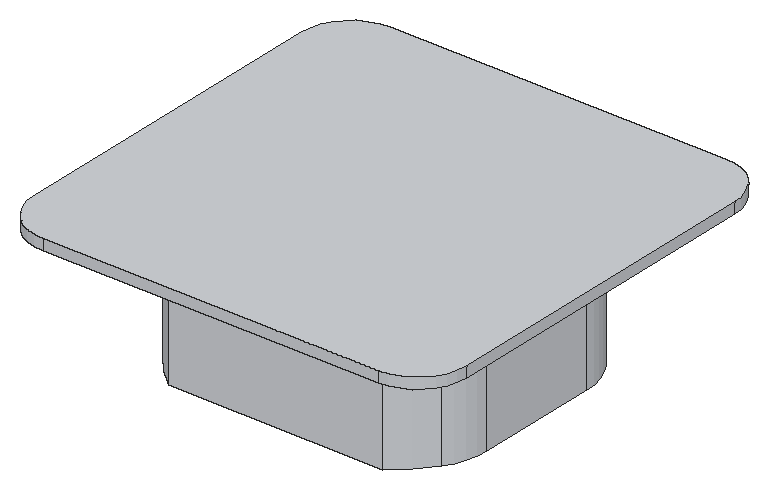
Revit family "Gira_010600", category Electrical Fixtures, host Face, Revit 2017
Family settings
  Host = Face
  Maintain Annotation Orientation = Yes
  Round Connector Dimension = Use Diameter
  Part Type = Normal
  Cut with Voids When Loaded = No
  Shared = No
  Room Calculation Point = No
Parameters (values of type "Wippschalter AusWe Einsatz")
  Zusammenstellung = "Basiselement"
  Werkstoffgüte = "sonstige"
  Werkstoff = "sonstige"
  Waschmaschinenschalter = "No"
  URL = "http://katalog.gira.de/de_DE/datenblatt.html?artikelnr=010600"
  Textfeld/Beschriftungsfläche = "nein"
  Tastschalter = "No"
  Schaltungsart = "Wechselschalter"
  Rückmeldekontakt = "No"
  Region = "DE"
  Oberfläche = "Sandguss"
  Nennspannung = "250 Volt"
  Name = "Wippschalter AusWe Einsatz"
  Montageart = "unter Putz"
  Mit Montageplatte = "No"
  Manufacturer URL = "https://www.gira.de/"
  Keynote = "Einsatz_1fach"
  HeinzeBIM = "https://bimportal.heinze.de/bim/wippschalter-auswe-einsatz/713645509e5a0f4bd43a328fabb3ae367889a5c8"
  Halogenfrei = "No"
  HAN = "010600"
  Geeignet für Schutzart (IP) = "IP20"
  GTIN = "4010337106005"
  Farbe = "sonstige"
  Default Elevation = 1219.2 mm
  Data sheet (1) = "https://katalog.gira.de/de_DE/download.html?artikelnr=010600"
  Category = "Installationsschalter"
  Bemessungsstrom = "10 Ampere"
  Beleuchtungsfunktion = "Orientierung"
  Beleuchtungsart = "nicht mitgeliefert"
  Beleuchtung = "ja"
  Befestigungsart = "Schraubbefestigung"
  Bedienungsart = "Wippe/Taste"
  Available = "Yes"
  Anzahl der Module (bei Modulbauweise) = "1 "
  Anzahl der Betätigungswippen = "1 "
  Anschlussart = "Steckklemme"
Reference planes
  plane 1 "Center (Front/Back)": y = 0
  plane 2: z = 0
  plane 3 "Center (Left/Right)": x = 0
Forms (mm)
  Extrusion 1, solid, detail levels fine
    sketch origin (0, 0, 0) x (1, 0, 0) y (0, 1, 0)
      loop
        line (27.475, 35.475) -> (-27.475, 35.475)
        arc (-27.475, 35.475) -> (-33.132, 33.132) -> (-35.475, 27.475) r 8
        line (-35.475, 27.475) -> (-35.475, -27.475)
        arc (-35.475, -27.475) -> (-33.132, -33.132) -> (-27.475, -35.475) r 8
        line (-27.475, -35.475) -> (27.475, -35.475)
        arc (27.475, -35.475) -> (33.132, -33.132) -> (35.475, -27.475) r 8
        line (35.475, -27.475) -> (35.475, 27.475)
        arc (35.475, 27.475) -> (33.132, 33.132) -> (27.475, 35.475) r 8
    from 0 to 1.8
  Extrusion 2, solid, detail levels fine
    sketch origin (0, 0, 0) x (1, 0, 0) y (0, 1, 0)
      loop
        line (9.678, 25.4) -> (-9.678, 25.4)
        arc (-9.678, 25.4) -> (-12.885, 24.922) -> (-15.814, 23.53) r 11
        arc (-15.814, 23.53) -> (-17.795, 22.07) -> (-19.641, 20.444) r 28.35
        arc (-19.641, 20.444) -> (-21.339, 18.665) -> (-22.876, 16.745) r 28.35
        arc (-22.876, 16.745) -> (-24.456, 13.666) -> (-25, 10.248) r 11
        line (-25, 10.248) -> (-25, -10.248)
        arc (-25, -10.248) -> (-24.456, -13.666) -> (-22.876, -16.745) r 11
        arc (-22.876, -16.745) -> (-20.409, -19.677) -> (-17.569, -22.25) r 28.35
        line (-17.569, -22.25) -> (17.569, -22.25)
        arc (17.569, -22.25) -> (20.409, -19.677) -> (22.876, -16.745) r 28.35
        arc (22.876, -16.745) -> (24.456, -13.666) -> (25, -10.248) r 11
        line (25, -10.248) -> (25, 10.248)
        arc (25, 10.248) -> (24.456, 13.666) -> (22.876, 16.745) r 11
        arc (22.876, 16.745) -> (21.593, 18.37) -> (20.195, 19.897) r 28.35
        arc (20.195, 19.897) -> (18.096, 21.823) -> (15.814, 23.53) r 28.35
        arc (15.814, 23.53) -> (12.885, 24.922) -> (9.678, 25.4) r 11
    from -22 to 0
  Extrusion 3, solid, detail levels medium
    sketch origin (0, 0, 0) x (1, 0, 0) y (0, 1, 0)
      loop
        line (-25, 25.4) -> (-25, -22.25) -> (25, -22.25) -> (25, 25.4) -> (-25, 25.4)
    from -22 to 0
  Extrusion 4, solid, detail levels coarse
    sketch origin (0, 0, 0) x (1, 0, 0) y (0, 1, 0)
      loop
        line (35.475, 35.475) -> (-35.475, 35.475) -> (-35.475, -35.475) -> (35.475, -35.475) -> (35.475, 35.475)
    from -22 to 1.8
  Extrusion 5, solid, detail levels medium
    sketch origin (0, 0, 0) x (1, 0, 0) y (0, 1, 0)
      loop
        line (35.475, 35.475) -> (-35.475, 35.475) -> (-35.475, -35.475) -> (35.475, -35.475) -> (35.475, 35.475)
    from 0 to 1.8
Dimensions and locks
  aligned and locked: plane 2 to host face
  aligned and locked: level to host face
  aligned and locked: plane 3 "Center (Left/Right)" to nested 1
  aligned and locked: plane 1 "Center (Front/Back)" to nested 1
Nested families
  nested 1: "RJ45-Datendose Beschriftung" at (0, 0, 0), type "RJ45-Datendose Beschriftung"
Connectors
  electrical at (0, 0, -22)
    settings: on Extrusion 4, index 1, voltage 220 V, apparent load 0 VA, apparent load phase1 0 VA, apparent load phase2 0 VA, apparent load phase3 0 VA, power factor 1, load classification "Other", number of poles 1, system type 30, power factor state 1, is connector primary yes, connector utility no, sub classification motor no, connector description ""
Definition of nested family "RJ45-Datendose Beschriftung"
  Reference planes
    plane 1: y = 0
    plane 2: x = 0
  Lines and regions (mm)
    Filled region 1, type "Gefüllter Bereich 1"
      outline origin (0, 0, 0) x (1, 0, 0) y (0, 1, 0)
        loop
          circle (0, 2.4) r 0.4
    detail lines
      curve 1: line (0, 0, 0) -> (0, 2, 0)
      curve 2: line (0, 2, 0) -> (1.2, 2, 0)
      curve 3: line (1.2, 2, 0) -> (1.2, 3.6, 0)
      curve 4: circle (0, 2.4, 0) r 0.4 normal (0, 0, 1)
      curve 5: line (0, 2, 0) -> (-1.2, 2, 0)
      curve 6: line (-1.2, 2, 0) -> (-1.2, 3.6, 0)
